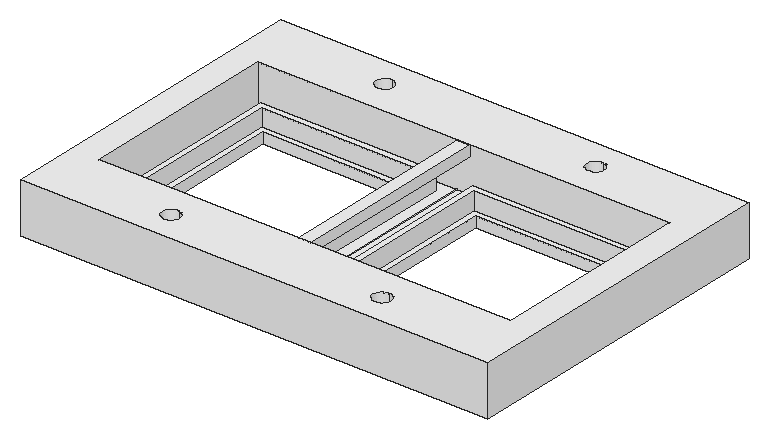
Revit family "Gira_021265", category Electrical Fixtures, host Face, Revit 2017
Family settings
  Host = Face
  Maintain Annotation Orientation = No
  Round Connector Dimension = Use Diameter
  Part Type = Normal
  Cut with Voids When Loaded = No
  Shared = No
  Room Calculation Point = No
Parameters (values of type "Abdeckrahmen 2f Gira TX_44 (WG UP) F Alu")
  Werkstoffgüte = "Thermoplast"
  Werkstoff = "Kunststoff"
  URL = "http://katalog.gira.de/de_DE/datenblatt.html?artikelnr=021265"
  Transparent = "No"
  Textfeld/Beschriftungsfläche = "No"
  Schutzart (IP) = "IP44"
  Region = "DE"
  Oberfläche = "lackiert"
  Name = "Abdeckrahmen 2f Gira TX_44 (WG UP) F Alu"
  Montagerichtung = "horizontal und vertikal"
  Mit Montagerahmen = "No"
  Mit Klappdeckel = "No"
  Manufacturer URL = "https://www.gira.de/"
  Keynote = "TX44_Rahmen_2fach"
  HeinzeBIM = "https://bimportal.heinze.de/bim/abdeckrahmen-2f-gira-tx-44-wg-up-f-alu/4d8758685c8efe245ec6aab18b183d1635b6ad96"
  Halogenfrei = "No"
  HAN = "021265"
  Geeignet für Unterputz-Installation = "Yes"
  Geeignet für Unterflurkanaldose = "No"
  Geeignet für Geräteeinbaukanal = "No"
  Geeignet für Einbauinstallation = "No"
  GTIN = "4010337212652"
  Farbe = "aluminium"
  Default Elevation = 1219.2 mm
  Data sheet (1) = "https://katalog.gira.de/de_DE/download.html?artikelnr=021265"
  Category = "Abdeckrahmen"
  Befestigungsart = "Klemmbefestigung"
  Available = "Yes"
  Anzahl der Einheiten vertikal = "2 "
  Anzahl der Einheiten horizontal = "2 "
  Anzahl der Einheiten = "2 "
Reference planes
  plane 1 "Center (Front/Back)": y = 0
  plane 2: z = 0
  plane 3 "Center (Left/Right)": x = 0
  plane 4: x = 78.75
  plane 5: x = 2
  plane 6: x = -2
Forms (mm)
  Extrusion 1, solid, material "White", detail levels fine
    sketch origin (-35.841, 0, 0) x (0, -1, 0) y (1, 0, 0)
      loop
        line (-54.959, 114.591) -> (-54.959, -42.909) -> (54.959, -42.909) -> (54.959, 114.591) -> (-54.959, 114.591)
      loop
        line (-33.5, -33.5) -> (33.5, -33.5) -> (33.5, 105.183) -> (-33.5, 105.183) -> (-33.5, -33.5)
      loop
        circle (-45, -0.006) r 3
      loop
        circle (44.992, 0.001) r 3
      loop
        circle (-45, 71.094) r 3
      loop
        circle (44.992, 71.101) r 3
    from 0 to 16.9
  Extrusion 2, solid, material "White", detail levels fine
    sketch origin (-35.841, 0, 0) x (0, -1, 0) y (1, 0, 0)
      loop
        line (-25.5, 25.5) -> (-25.5, -25.5) -> (25.5, -25.5) -> (25.5, 25.5) -> (-25.5, 25.5)
      loop
        line (-33.5, 33.5) -> (-33.5, -33.5) -> (33.5, -33.5) -> (33.5, 33.5) -> (-33.5, 33.5)
    from -1.6 to 2
  Extrusion 3, solid, material "White", detail levels fine
    sketch origin (-35.841, 0, 0) x (0, -1, 0) y (1, 0, 0)
      loop
        line (-27.5, 27.5) -> (-27.5, -27.5) -> (27.5, -27.5) -> (27.5, 27.5) -> (-27.5, 27.5)
      loop
        line (-29.5, 29.5) -> (-29.5, -29.5) -> (29.5, -29.5) -> (29.5, 29.5) -> (-29.5, 29.5)
    from 2 to 7.8
  Extrusion 4, solid, material "White", detail levels coarse+medium
    sketch origin (-35.841, 0, 0) x (0, -1, 0) y (1, 0, 0)
      loop
        line (-54.959, 114.591) -> (-54.959, -42.909) -> (54.959, -42.909) -> (54.959, 114.591) -> (-54.959, 114.591)
    from -1.6 to 16.9
  Extrusion 5, solid, material "White", detail levels fine
    sketch origin (35.841, 0, 0) x (0, -1, 0) y (1, 0, 0)
      loop
        line (-25.5, 25.5) -> (-25.5, -25.5) -> (25.5, -25.5) -> (25.5, 25.5) -> (-25.5, 25.5)
      loop
        line (-33.5, 33.5) -> (-33.5, -33.5) -> (33.5, -33.5) -> (33.5, 33.5) -> (-33.5, 33.5)
    from -1.6 to 2
  Extrusion 6, solid, material "White", detail levels fine
    sketch origin (35.841, 0, 0) x (0, -1, 0) y (1, 0, 0)
      loop
        line (-27.5, 27.5) -> (-27.5, -27.5) -> (27.5, -27.5) -> (27.5, 27.5) -> (-27.5, 27.5)
      loop
        line (-29.5, 29.5) -> (-29.5, -29.5) -> (29.5, -29.5) -> (29.5, 29.5) -> (-29.5, 29.5)
    from 2 to 7.8
  Extrusion 7, solid, material "White", detail levels fine
    sketch origin (-35.841, 0, 0) x (0, -1, 0) y (1, 0, 0)
      loop
        line (-33.5, 38.183) -> (-33.5, 33.5) -> (33.5, 33.5) -> (33.5, 38.183) -> (-33.5, 38.183)
    from 0 to 2
  Extrusion 8, solid, material "White", detail levels fine
    sketch origin (-35.841, 0, 0) x (0, -1, 0) y (1, 0, 0)
      loop
        line (-33.5, 37.841) -> (-33.5, 33.841) -> (33.5, 33.841) -> (33.5, 37.841) -> (-33.5, 37.841)
    from 13.4 to 16.9
Dimensions and locks
  aligned and locked: plane 2 to host face
  aligned and locked: level to host face
